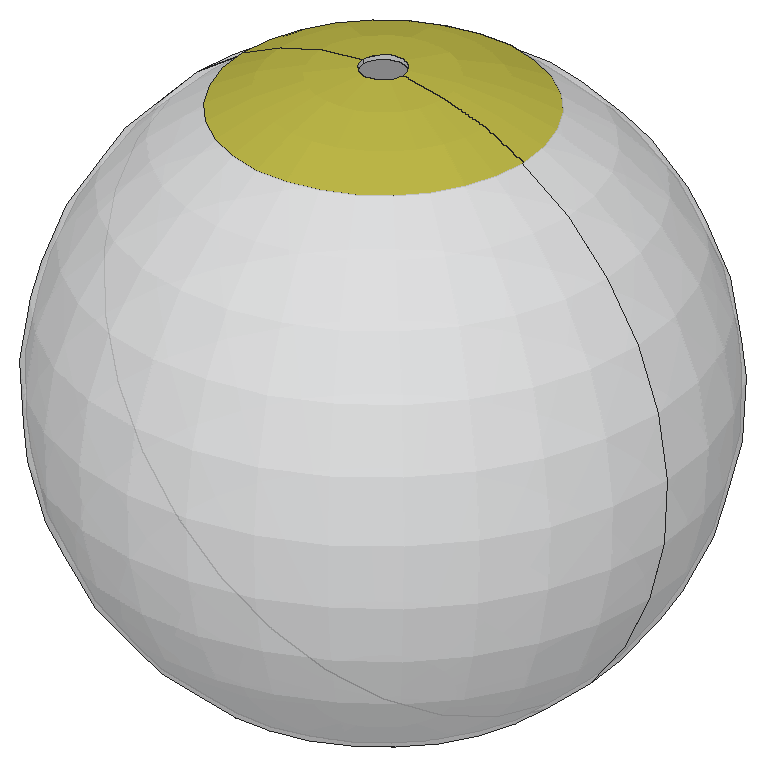
Revit family "OB14 SHADE", category Lighting Fixtures, Revit 2024
Family settings
  Round Connector Dimension = Use Diameter
  Part Type = Normal
  OmniClass Number = 23.80.70.00
  OmniClass Title = Lighting
  Work Plane-Based = No
  Always vertical = Yes
  Cut with Voids When Loaded = No
  Light Source = No
  Maintain Annotation Orientation = No
  Shared = No
  Room Calculation Point = No
Parameters
  Default Elevation = 0' - 0"
Reference planes (in)
  plane 1 "Light Source Axis (F/B)": y = 0
  plane 2: z = 0
  plane 3 "Light Source Axis (L/R)": x = 0
  plane 4 "Light Source Elevation": z = 54
Forms (in)
  Revolve 1, solid
    sketch origin (0, 0, 0) x (1, 0, 0) y (0, 0, 1)
      loop
        arc (-0.49667, 68.0128) -> (-2.02459, 67.73288) -> (-3.45374, 67.12426) r 7.03026
        line (-3.45374, 67.12426) -> (-3.39166, 67.12428)
        arc (-3.39166, 67.12428) -> (-6.77884, 59.24855) -> (0, 54) r 7
        line (0, 54) -> (0, 54.09375)
        arc (0, 54.09375) -> (-6.73335, 59.45777) -> (-3.00673, 67.21811) r 6.90625
        line (-3.00673, 67.21811) -> (-3.07566, 67.21809)
        arc (-3.07566, 67.21809) -> (-1.82023, 67.69383) -> (-0.49667, 67.91881) r 6.93651
        line (-0.49667, 67.91881) -> (-0.49667, 68.0128)
      axis (0, 68.0128) -> (0, 54)
    angle from 0 to 360
Dimensions and locks (in)
  aligned and locked: level to plane 2
